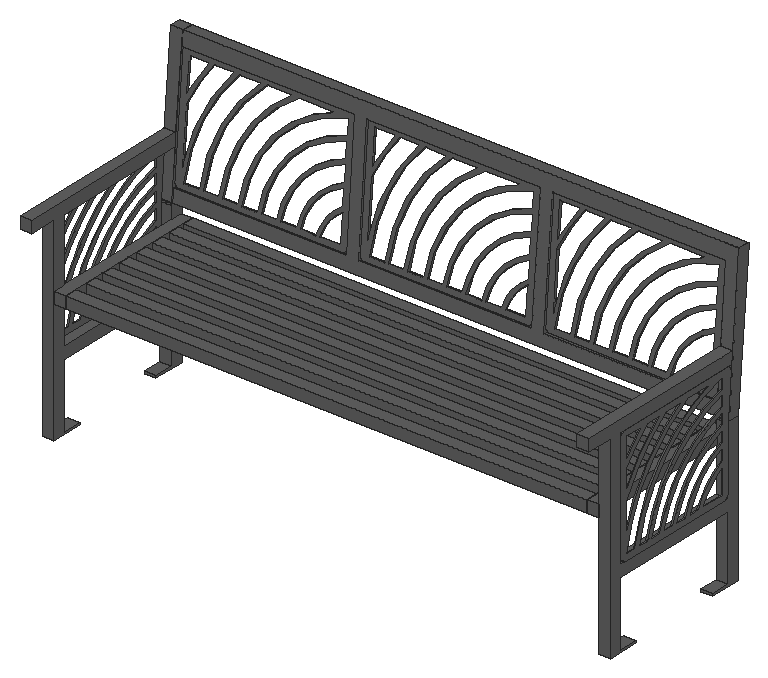
Revit family (continued)
Definition of nested family "Frame-Type-SiteScapes-Square_Steel_Tube-6ft"
  Dimensions and locks (in)
    "Depth": plane 16 "Front" to plane 1 "Center (Front/Back)"
    "Height": plane 6 "Top" to plane 2 "Original Bottom"
    locked: plane 6 "Top" to plane 17 at 1.82399
    locked: plane 18 to plane 2 "Original Bottom" at 1.70806
    locked: plane 9 "Bar 3 Left" to plane 19 at 1.49976
    plane 11 "Bar 2 Left" to plane 13 "Bar 1 Left" = 1' - 10"
    plane 9 "Bar 3 Left" to plane 10 "Bar 2 Right" = 1' - 10.00024"
    plane 7 "Bar 4 Right" to plane 19 = 1' - 10"
    aligned and locked: plane 2 "Original Bottom" to level
    aligned: Extrusion 1 to plane 16 "Front"
    aligned: Extrusion 1 to plane 1 "Center (Front/Back)"
    aligned and locked: plane 16 "Front" to Extrusion 1
    aligned and locked: plane 1 "Center (Front/Back)" to Extrusion 1
    aligned and locked: plane 2 "Original Bottom" to Extrusion 1
    aligned and locked: plane 6 "Top" to Extrusion 1
    aligned and locked: Extrusion 1 to Masking region 1 sketch curve
    aligned and locked: Masking region 2 sketch curve to Extrusion 1  (x4)
    aligned: plane 12 "Bar 1 Right" to Extrusion 1
    aligned: Extrusion 1 to plane 13 "Bar 1 Left"
    aligned: Extrusion 1 to plane 8 "Bar 4 Left"
    aligned: plane 7 "Bar 4 Right" to Extrusion 1
    aligned and locked: plane 5 "Right" to Extrusion 1
    aligned and locked: Extrusion 1 to plane 7 "Bar 4 Right"
    aligned: plane 15 "Left Inset" to Extrusion 1
    aligned and locked: plane 13 "Bar 1 Left" to Extrusion 1
    aligned and locked: plane 19 to Extrusion 1
    aligned and locked: Extrusion 1 to plane 9 "Bar 3 Left"
    aligned and locked: plane 4 "Left" to Extrusion 1 sketch curve
    aligned and locked: Masking region 3 sketch curve to Extrusion 1  (x13)
    aligned and locked: Extrusion 1 to Masking region 3 sketch curve  (x3)
  Automatic sketch dimensions
    Masking region 1 sketch curve to Masking region 1 sketch curve = 0' - 1.49429"
    Masking region 1 sketch curve to plane 5 "Right" = 0' - 0"
    curve 6 to plane 14 "Right Inset" = 0' - 0 3/4"
    curve 2 to curve 2 = 1' - 5.30191"
    plane 9 "Bar 3 Left" to curve 3 = 0' - 0.74988"
    plane 11 "Bar 2 Left" to curve 4 = 0' - 0.58333"
    curve 1 to plane 13 "Bar 1 Left" = 0' - 0 3/4"
    Masking region 1 sketch curve to plane 15 "Left Inset" = 0' - 0"
    Extrusion 1 sketch curve to plane 5 "Right" = 0' - 0"
    Extrusion 1 sketch curve to plane 7 "Bar 4 Right" = 0' - 0"
    Extrusion 1 sketch curve to plane 19 = 0' - 0"
    Extrusion 1 sketch curve to plane 9 "Bar 3 Left" = 0' - 0"
    Extrusion 1 sketch curve to plane 11 "Bar 2 Left" = 0' - 0"
    Extrusion 1 sketch curve to plane 13 "Bar 1 Left" = 0' - 0"
    plane 10 "Bar 2 Right" to Extrusion 1 sketch curve = 0' - 0"
    Extrusion 1 sketch curve to Extrusion 1 sketch curve = 0' - 1.58335"
    Extrusion 1 sketch curve to Extrusion 1 sketch curve = 0' - 0"  (x3)
    Extrusion 1 sketch curve to Extrusion 1 sketch curve = 1' - 3.58638"  (x2)
    Extrusion 1 sketch curve to Extrusion 1 sketch curve = 0' - 1.83095"
Definition of nested family "Panel-Back-SiteScapes-Steel_Sheet_Metal_6ft_JC"
  Parameters (values of type "5 5/8"x1' 3 5/8"")
    URL = "http://www.sitescapesonline.com/index.asp"
    Panel Width = 6' - 0"
    Product Page URL = ""
    Product Documentation Link = ""
    Material = Steel - SiteScapes - Powder Coat - Onyx
    Manufacturer = "SiteScapes Inc."  # constant formula
    Height = 1' - 3.56474"
    Depth = 0' - 0 37/256"
    Copyright © = "2010 SiteScapes Inc."  # constant formula
    Bench Material = Steel - SiteScapes - Powder Coat - Onyx
    Assembly Code = ""
  Reference planes (in)
    plane 1 "Center (Front/Back)": y = 0
    plane 2 "Original Bottom": z = 0
    plane 3 "Center (Left/Right)": x = -11.32196
    plane 4 "Front": y = -0.07227
    plane 5 "Back": y = 0.07227
    plane 6 "Top": z = 15.56474
    plane 7 "ANGLE": through (0, -0.67528, 0.05033) normal (0, -0.9958, 0.0913)
    plane 8: x = 23.17804
    plane 9 "Right": x = 24.67804
    plane 10 "Left": x = -47.32196
    plane 11: x = -45.82196
    plane 12: through (0, -0.58465, 0.24722) normal (0, -0.9958, 0.0913)
    plane 13: through (0, -0.74114, 0.1234) normal (0, -0.9958, 0.0913)
    plane 14: x = 1.24054
    plane 15: x = -22.25946
    plane 16: x = -45.75946
    plane 17: x = 23.11554
    plane 18: x = -0.38446
    plane 19: x = -23.88446
  Lines and regions (in)
    Masking region 1, detail levels medium+fine
      outline origin (-11.32196, 0, 0) x (0, 1, 0) y (0, 0, 1)
        loop
          line (-0.60733, 0) -> (0.14393, 8.18988) -> (0, 8.20309) -> (-0.75125, 0.0132) -> (-0.60733, 0)
  Dimensions and locks (in)
    "Depth": plane 5 "Back" to plane 4 "Front"
    equal spacing: plane 5 "Back", plane 1 "Center (Front/Back)", plane 4 "Front"
    "Height": plane 6 "Top" to plane 2 "Original Bottom"
    plane 8 to plane 9 "Right" = 0' - 1 1/2"
    plane 10 "Left" to plane 11 = 0' - 1 1/2"
    "Depth": plane 13 to plane 12
    equal spacing: plane 13, plane 7 "ANGLE", plane 12
    plane 10 "Left" to plane 9 "Right" = 6' - 0"
    equal spacing: plane 10 "Left", plane 3 "Center (Left/Right)", plane 9 "Right"
    plane 10 "Left" to plane 3 "Center (Left/Right)" to plane 9 "Right" = 3' - 0", 3' - 0"
    plane 9 "Right" to plane 10 "Left" = 6' - 0"
    equal spacing: group 1, group 3, group 2  (x3)
    plane 11 to plane 10 "Left" = 0' - 1 1/2"
    locked: plane 16 to plane 11 at 0.0625
    locked: plane 8 to plane 17 at 0.0625
    aligned and locked: plane 2 "Original Bottom" to level
    aligned and locked: plane 2 "Original Bottom" to Masking region 1
    aligned and locked: nested 1 to plane 1 "Center (Front/Back)"
    aligned and locked: nested 1 to plane 16
    aligned and locked: plane 17 to nested 2
    aligned and locked: plane 19 to nested 1
    aligned and locked: plane 15 to nested 3
    aligned and locked: plane 18 to nested 3
    aligned and locked: plane 14 to nested 2
  Automatic sketch dimensions
    Masking region 1 sketch curve to plane 1 "Center (Front/Back)" = 0' - 0"
    Masking region 1 sketch curve to plane 2 "Original Bottom" = 0' - 0"
    Masking region 1 sketch curve to plane 13 = 0' - 0"
    Masking region 1 sketch curve to plane 12 = 0' - 0"  (x2)
  Nested families (in)
    nested 1: "Panel-Back-SiteScapes-Steel_Sheet_Metal_6ft_Single_JC" at (-34.82196, 0.09375, 0), type "Panel-Back-SiteScapes-Steel_Sheet_Metal_6ft_Single_JC"
    nested 2: "Panel-Back-SiteScapes-Steel_Sheet_Metal_6ft_Single_JC" at (12.17804, 0.09375, 0), type "Panel-Back-SiteScapes-Steel_Sheet_Metal_6ft_Single_JC"
    nested 3: "Panel-Back-SiteScapes-Steel_Sheet_Metal_6ft_Single_JC" at (-11.32196, 0.09375, 0), type "Panel-Back-SiteScapes-Steel_Sheet_Metal_6ft_Single_JC"
  Definition of nested family "Panel-Back-SiteScapes-Steel_Sheet_Metal_6ft_Single_JC"
    Parameters (values of type "Panel-Back-SiteScapes-Steel_Sheet_Metal_6ft_Single_JC")
      Bench Material = none
    Reference planes (in)
      plane 1 "Center (Front/Back)": y = 0
      plane 2 "Bottom": z = 0
      plane 3 "Center (Left/Right)": x = 0
      plane 4: y = 0.09375
      plane 5: y = -0.09375
      plane 6 "Left": x = -10.9375
      plane 7 "Right": x = 10.9375
      plane 8 "Back": y = 0.77624
      plane 9 "Front": y = -0.7632
      plane 10 "Top": z = 15.56474
      plane 11 "Center (Elevation)": z = 7.78237
    Forms (in)
      Sweep 1, solid, material <- "Bench Material", detail levels medium+fine
        path origin (0, -0.6756, 0.0295) x (1, 0, 0) y (0, 0.996195, -0.087156)
          loop
            line (0, -0.09375) -> (0, 0.09375)
        profile "Panel-Back-SiteScapes-Steel_Sheet_Metal_6ft_Single_JC-Profile : Panel-Back-SiteScapes-Steel_Sheet_Metal_6ft_Single_JC-Profile" origin (0, -0.6756, 0.0295) x (-1, 0, 0) y (0, 0.087156, 0.996195)
          loop
            line (10.9375, 15.21281) -> (10.5625, 15.58638) -> (-10.5625, 15.58638) -> (-10.9375, 15.21281) -> (-10.9375, 0.45667) -> (-10.5625, 0.0831) -> (10.5625, 0.0831) -> (10.9375, 0.45667) -> (10.9375, 15.21281)
          loop
            arc (7.46907, 14.8725) -> (8.87854, 12.81055) -> (10.08548, 10.62388) r 26.226
            line (10.08548, 10.62388) -> (10.08548, 14.8725) -> (7.46907, 14.8725)
          loop
            arc (4.32404, 14.8725) -> (8.11366, 9.10153) -> (10.08548, 2.4851) r 23.77567
            line (10.08548, 2.4851) -> (10.08548, 9.44095)
            arc (10.08548, 9.44095) -> (8.63023, 12.2569) -> (6.83971, 14.8725) r 25.72496
            line (6.83971, 14.8725) -> (4.32404, 14.8725)
          loop
            line (3.63608, 14.8725) -> (0.90885, 14.8725)
            arc (0.90885, 14.8725) -> (5.70507, 8.49242) -> (7.82387, 0.79698) r 21.35675
            line (7.82387, 0.79698) -> (9.76591, 0.79698)
            arc (9.76591, 0.79698) -> (7.89492, 8.35469) -> (3.63608, 14.8725) r 23.2753
          loop
            line (0.13868, 14.8725) -> (-3.03593, 14.8725)
            arc (-3.03593, 14.8725) -> (2.77243, 8.79209) -> (5.37753, 0.79698) r 18.94713
            line (5.37753, 0.79698) -> (7.32092, 0.79698)
            arc (7.32092, 0.79698) -> (5.11402, 8.54106) -> (0.13868, 14.8725) r 20.8625
          loop
            arc (-8.65067, 14.8725) -> (-0.74826, 9.57283) -> (2.92858, 0.79698) r 16.54603
            line (2.92858, 0.79698) -> (4.87543, 0.79698)
            arc (4.87543, 0.79698) -> (2.12831, 8.8869) -> (-3.96808, 14.8725) r 18.45377
            line (-3.96808, 14.8725) -> (-8.65067, 14.8725)
          loop
            arc (-10.08548, 12.75384) -> (-2.95458, 8.40976) -> (0.47564, 0.79698) r 14.12051
            line (0.47564, 0.79698) -> (2.42579, 0.79698)
            arc (2.42579, 0.79698) -> (-1.58595, 9.78117) -> (-10.08548, 14.73776) r 16.05447
            line (-10.08548, 14.73776) -> (-10.08548, 12.75384)
          loop
            arc (-10.08548, 10.23113) -> (-4.67577, 6.68101) -> (-1.9838, 0.79698) r 11.68739
            line (-1.9838, 0.79698) -> (-0.02821, 0.79698)
            arc (-0.02821, 0.79698) -> (-3.30769, 8.05556) -> (-10.08548, 12.23926) r 13.62119
            line (-10.08548, 12.23926) -> (-10.08548, 10.23113)
          loop
            arc (-10.08548, 7.654) -> (-6.39489, 4.94427) -> (-4.45502, 0.79698) r 9.25395
            line (-4.45502, 0.79698) -> (-2.4895, 0.79698)
            arc (-2.4895, 0.79698) -> (-5.02858, 6.3257) -> (-10.08548, 9.70821) r 11.18767
            line (-10.08548, 9.70821) -> (-10.08548, 7.654)
          loop
            arc (-10.08548, 4.95112) -> (-8.10656, 3.18473) -> (-6.95118, 0.79698) r 6.82039
            line (-6.95118, 0.79698) -> (-4.96432, 0.79698)
            arc (-4.96432, 0.79698) -> (-6.74698, 4.5861) -> (-10.08548, 7.11389) r 8.75498
            line (-10.08548, 7.11389) -> (-10.08548, 4.95112)
          loop
            line (-10.08548, 4.36377) -> (-10.08548, 0.79698) -> (-7.46907, 0.79698)
            arc (-7.46907, 0.79698) -> (-8.45507, 2.81673) -> (-10.08548, 4.36377) r 6.32078
    Lines and regions (in)
      Masking region 1, detail levels medium+fine
        outline origin (0, 0, 0) x (0, 1, 0) y (0, 0, 1)
          loop
            line (-0.57496, 0.10411) -> (0.77624, 15.5484) -> (0.58945, 15.56474) -> (-0.76175, 0.12045) -> (-0.57496, 0.10411)
      Masking region 2, detail levels medium+fine
        outline origin (0, 0, 0) x (1, 0, 0) y (0, 0, 1)
          loop
            line (-10.5625, 15.56474) -> (-10.9375, 15.19259) -> (-10.9375, 0.4926) -> (-10.5625, 0.12045) -> (10.5625, 0.12045) -> (10.9375, 0.4926) -> (10.9375, 15.19259) -> (10.5625, 15.56474) -> (-10.5625, 15.56474)
      Masking region 3, detail levels medium+fine
        outline origin (0, 0, 15.56474) x (-1, 0, 0) y (0, -1, 0)
          loop
            line (10.9375, -0.77624) -> (10.9375, 0.7632) -> (-10.9375, 0.7632) -> (-10.9375, -0.77624) -> (10.9375, -0.77624)
      symbolic lines, style "Panel", detail levels fine
        curve 1: line (8.06839, -0.71342, 0) -> (5.97525, -0.71342, 0)
        curve 2: line (8.06839, -0.27794, 0) -> (8.06839, -0.71342, 0)
      symbolic lines, style "Panel", detail levels medium+fine
        curve 3: spline (-7.46907, 0, 14.85357) -> (-7.71752, 0, 14.52066) -> (-7.96064, 0, 14.18385) -> (-8.19837, 0, 13.84325) -> (-8.43063, 0, 13.49892) -> (-8.65737, 0, 13.15097) -> (-8.87854, 0, 12.79947) -> (-9.09409, 0, 12.44452) -> (-9.30394, 0, 12.08621) -> (-9.50806, 0, 11.72462) -> (-9.70639, 0, 11.35984) -> (-9.89888, 0, 10.99198) -> (-10.08548, 0, 10.62112)
        curve 4: spline (-4.32404, 0, 14.85357) -> (-5.07005, 0, 13.97565) -> (-5.77241, 0, 13.06269) -> (-6.42944, 0, 12.11683) -> (-7.03959, 0, 11.14031) -> (-7.60144, 0, 10.13543) -> (-8.11366, 0, 9.10457) -> (-8.57503, 0, 8.05014) -> (-8.98447, 0, 6.97465) -> (-9.34101, 0, 5.88062) -> (-9.64382, 0, 4.77064) -> (-9.89217, 0, 3.64732) -> (-10.08548, 0, 2.51331)
        curve 5: spline (-0.90885, 0, 14.85357) -> (-1.86981, 0, 13.92617) -> (-2.77059, 0, 12.94065) -> (-3.60767, 0, 11.90087) -> (-4.37774, 0, 10.81092) -> (-5.07779, 0, 9.67507) -> (-5.70507, 0, 8.49778) -> (-6.25712, 0, 7.28367) -> (-6.73178, 0, 6.03751) -> (-7.12717, 0, 4.76418) -> (-7.44175, 0, 3.46869) -> (-7.67429, 0, 2.15612) -> (-7.82387, 0, 0.83162)
        curve 6: spline (3.03593, 0, 14.85357) -> (1.88748, 0, 14.03368) -> (0.80355, 0, 13.13081) -> (-0.20982, 0, 12.14998) -> (-1.14701, 0, 11.09666) -> (-2.0028, 0, 9.97669) -> (-2.77243, 0, 8.7963) -> (-3.45162, 0, 7.56206) -> (-4.0366, 0, 6.28084) -> (-4.52411, 0, 4.95975) -> (-4.91144, 0, 3.60614) -> (-5.19644, 0, 2.22754) -> (-5.37753, 0, 0.83162)
        curve 7: spline (8.65067, 0, 14.85357) -> (7.139, 0, 14.30777) -> (5.68763, 0, 13.61838) -> (4.3103, 0, 12.79191) -> (3.01999, 0, 11.83616) -> (1.82889, 0, 10.76016) -> (0.74826, 0, 9.57407) -> (-0.2117, 0, 8.28909) -> (-1.04194, 0, 6.91735) -> (-1.73459, 0, 5.47182) -> (-2.28314, 0, 3.96613) -> (-2.68239, 0, 2.41451) -> (-2.92858, 0, 0.83162)
        curve 8: spline (10.08548, 0, 12.74297) -> (8.73514, 0, 12.33124) -> (7.43284, 0, 11.78719) -> (6.19159, 0, 11.11629) -> (5.02382, 0, 10.32523) -> (3.94121, 0, 9.42193) -> (2.95458, 0, 8.41542) -> (2.0738, 0, 7.31578) -> (1.30769, 0, 6.13399) -> (0.6639, 0, 4.88188) -> (0.14887, 0, 3.57197) -> (-0.23225, 0, 2.21737) -> (-0.47564, 0, 0.83162)
        curve 9: spline (10.08548, 0, 10.22987) -> (9.05829, 0, 9.85979) -> (8.07027, 0, 9.3958) -> (7.13004, 0, 8.84195) -> (6.24583, 0, 8.20307) -> (5.42535, 0, 7.48474) -> (4.67577, 0, 6.69325) -> (4.00363, 0, 5.8355) -> (3.41482, 0, 4.91899) -> (2.91447, 0, 3.95172) -> (2.50695, 0, 2.94214) -> (2.19582, 0, 1.89907) -> (1.9838, 0, 0.83162)
        curve 10: spline (10.08548, 0, 7.66254) -> (9.38319, 0, 7.34589) -> (8.70979, 0, 6.97212) -> (8.06996, 0, 6.5438) -> (7.46812, 0, 6.06392) -> (6.90847, 0, 5.53581) -> (6.39489, 0, 4.96313) -> (5.93093, 0, 4.34985) -> (5.51982, 0, 3.70023) -> (5.16441, 0, 3.01877) -> (4.86717, 0, 2.31022) -> (4.63016, 0, 1.57948) -> (4.45502, 0, 0.83162)
        curve 11: spline (10.08548, 0, 4.96994) -> (9.70991, 0, 4.73243) -> (9.35068, 0, 4.47104) -> (9.00932, 0, 4.18687) -> (8.68728, 0, 3.88114) -> (8.38594, 0, 3.55515) -> (8.10656, 0, 3.21028) -> (7.85035, 0, 2.848) -> (7.61839, 0, 2.46985) -> (7.41167, 0, 2.07744) -> (7.23107, 0, 1.67244) -> (7.07735, 0, 1.25658) -> (6.95118, 0, 0.83162)
        curve 12: line (10.08548, 0, 0.83162) -> (7.46907, 0, 0.83162)
        curve 13: line (10.08548, 0, 4.38483) -> (10.08548, 0, 0.83162)
        curve 14: line (-10.08548, 0, 10.62112) -> (-10.08548, 0, 14.85357)
        curve 15: line (-10.08548, 0, 14.85357) -> (-7.46907, 0, 14.85357)
        curve 16: line (-6.83971, 0, 14.85357) -> (-4.32404, 0, 14.85357)
        curve 17: spline (-10.08548, 0, 9.44269) -> (-9.86723, 0, 9.92231) -> (-9.63912, 0, 10.39737) -> (-9.40127, 0, 10.86766) -> (-9.15377, 0, 11.33297) -> (-8.89672, 0, 11.79313) -> (-8.63023, 0, 12.24792) -> (-8.35442, 0, 12.69717) -> (-8.0694, 0, 13.14067) -> (-7.77529, 0, 13.57825) -> (-7.47222, 0, 14.00971) -> (-7.16032, 0, 14.43488) -> (-6.83971, 0, 14.85357)
        curve 18: line (-10.08548, 0, 2.51331) -> (-10.08548, 0, 9.44269)
        curve 19: line (-7.82387, 0, 0.83162) -> (-9.76591, 0, 0.83162)
        curve 20: spline (-9.76591, 0, 0.83162) -> (-9.63234, 0, 2.12342) -> (-9.42638, 0, 3.40575) -> (-9.14867, 0, 4.67458) -> (-8.80009, 0, 5.92593) -> (-8.38174, 0, 7.15588) -> (-7.89492, 0, 8.36056) -> (-7.34115, 0, 9.53621) -> (-6.72219, 0, 10.67913) -> (-6.03997, 0, 11.78573) -> (-5.29662, 0, 12.85254) -> (-4.49449, 0, 13.87623) -> (-3.63608, 0, 14.85357)
        curve 21: line (-3.63608, 0, 14.85357) -> (-0.90885, 0, 14.85357)
        curve 22: line (-0.13868, 0, 14.85357) -> (3.03593, 0, 14.85357)
        curve 23: spline (-7.32092, 0, 0.83162) -> (-7.16493, 0, 2.16778) -> (-6.9225, 0, 3.49109) -> (-6.59464, 0, 4.796) -> (-6.18274, 0, 6.07705) -> (-5.68851, 0, 7.32887) -> (-5.11402, 0, 8.54623) -> (-4.46169, 0, 9.72401) -> (-3.73424, 0, 10.85728) -> (-2.93472, 0, 11.9413) -> (-2.06648, 0, 12.97152) -> (-1.13317, 0, 13.94364) -> (-0.13868, 0, 14.85357)
        curve 24: line (-5.37753, 0, 0.83162) -> (-7.32092, 0, 0.83162)
        curve 25: line (-2.92858, 0, 0.83162) -> (-4.87543, 0, 0.83162)
        curve 26: spline (-4.87543, 0, 0.83162) -> (-4.68537, 0, 2.25018) -> (-4.38512, 0, 3.64971) -> (-3.97649, 0, 5.02174) -> (-3.46196, 0, 6.35794) -> (-2.84466, 0, 7.65022) -> (-2.12831, 0, 8.89075) -> (-1.31726, 0, 10.072) -> (-0.41644, 0, 11.18683) -> (0.56872, 0, 12.22846) -> (1.63222, 0, 13.1906) -> (2.76764, 0, 14.06741) -> (3.96808, 0, 14.85357)
        curve 27: line (3.96808, 0, 14.85357) -> (8.65067, 0, 14.85357)
        curve 28: line (10.08548, 0, 14.71934) -> (10.08548, 0, 12.74297)
        curve 29: spline (-2.42579, 0, 0.83162) -> (-2.15967, 0, 2.4699) -> (-1.72456, 0, 4.07188) -> (-1.12515, 0, 5.62033) -> (-0.36789, 0, 7.09856) -> (0.53907, 0, 8.49065) -> (1.58595, 0, 9.78162) -> (2.76149, 0, 10.95757) -> (4.05302, 0, 12.00583) -> (5.44664, 0, 12.91512) -> (6.92735, 0, 13.67565) -> (8.4792, 0, 14.27922) -> (10.08548, 0, 14.71934)
        curve 30: line (-0.47564, 0, 0.83162) -> (-2.42579, 0, 0.83162)
        curve 31: line (1.9838, 0, 0.83162) -> (0.02821, 0, 0.83162)
        curve 32: spline (0.02821, 0, 0.83162) -> (0.26545, 0, 2.15215) -> (0.63242, 0, 3.44289) -> (1.12554, 0, 4.69123) -> (1.73998, 0, 5.88496) -> (2.46974, 0, 7.01241) -> (3.30769, 0, 8.06257) -> (4.24563, 0, 9.02517) -> (5.2744, 0, 9.89081) -> (6.38395, 0, 10.65102) -> (7.56343, 0, 11.29837) -> (8.8013, 0, 11.82653) -> (10.08548, 0, 12.23035)
        curve 33: line (10.08548, 0, 12.23035) -> (10.08548, 0, 10.22987)
        curve 34: line (10.08548, 0, 9.70894) -> (10.08548, 0, 7.66254)
        curve 35: spline (2.4895, 0, 0.83162) -> (2.6945, 0, 1.83366) -> (2.99083, 0, 2.81277) -> (3.37601, 0, 3.7607) -> (3.84678, 0, 4.66946) -> (4.39919, 0, 5.53142) -> (5.02858, 0, 6.3393) -> (5.72965, 0, 7.08631) -> (6.49651, 0, 7.76616) -> (7.32269, 0, 8.37313) -> (8.20124, 0, 8.9021) -> (9.12476, 0, 9.34862) -> (10.08548, 0, 9.70894)
        curve 36: line (4.45502, 0, 0.83162) -> (2.4895, 0, 0.83162)
        curve 37: line (6.95118, 0, 0.83162) -> (4.96432, 0, 0.83162)
        curve 38: spline (4.96432, 0, 0.83162) -> (5.13077, 0, 1.51363) -> (5.35173, 0, 2.1801) -> (5.62577, 0, 2.82671) -> (5.95112, 0, 3.44927) -> (6.32566, 0, 4.04376) -> (6.74698, 0, 4.60632) -> (7.21234, 0, 5.13331) -> (7.71873, 0, 5.62131) -> (8.26288, 0, 6.06717) -> (8.84125, 0, 6.468) -> (9.4501, 0, 6.8212) -> (10.08548, 0, 7.12449)
        curve 39: line (10.08548, 0, 7.12449) -> (10.08548, 0, 4.96994)
        curve 40: spline (7.46907, 0, 0.83162) -> (7.58221, 0, 1.18939) -> (7.71654, 0, 1.53982) -> (7.87157, 0, 1.88166) -> (8.04676, 0, 2.21369) -> (8.24149, 0, 2.53475) -> (8.45507, 0, 2.84368) -> (8.68673, 0, 3.1394) -> (8.93565, 0, 3.42085) -> (9.20096, 0, 3.68703) -> (9.48171, 0, 3.937) -> (9.7769, 0, 4.16988) -> (10.08548, 0, 4.38483)
      model lines, style "Panel", detail levels coarse
        curve 41: line (-10.33548, 0, 15.10357) -> (10.33548, 0, 15.10357)
        curve 42: line (-10.33548, 0, 0.58162) -> (-10.33548, 0, 15.10357)
        curve 43: line (10.33548, 0, 0.58162) -> (-10.33548, 0, 0.58162)
        curve 44: line (10.33548, 0, 15.10357) -> (10.33548, 0, 0.58162)
        curve 45: line (-6.99122, 0, 15.10357) -> (-10.33548, 0, 9.75163)
        curve 46: line (-3.67985, 0, 15.10357) -> (-10.33548, 0, 0.58162)
        curve 47: line (-0.2122, 0, 15.10357) -> (-7.61151, 0, 0.58162)
        curve 48: line (3.80382, 0, 15.10357) -> (-5.14536, 0, 0.58162)
        curve 49: line (9.67464, 0, 15.10357) -> (-2.6396, 0, 0.58162)
        curve 50: line (10.33548, 0, 12.53222) -> (-0.42489, 0, 0.58162)
        curve 51: line (2.15018, 0, 0.58162) -> (10.33548, 0, 9.99773)
        curve 52: line (4.69558, 0, 0.58162) -> (10.33548, 0, 7.54632)
        curve 53: line (7.13916, 0, 0.58162) -> (10.33548, 0, 4.82328)
    Dimensions and locks (in)
      equal spacing: plane 4, plane 1 "Center (Front/Back)", plane 5
      plane 4 to plane 5 = 0' - 0 3/16"
      equal spacing: plane 10 "Top", plane 11 "Center (Elevation)", plane 2 "Bottom"
      aligned and locked: plane 2 "Bottom" to level
      aligned and locked: plane 3 "Center (Left/Right)" to Sweep 1 sketch curve
      aligned: plane 6 "Left" to Sweep 1
      aligned: plane 7 "Right" to Sweep 1
      aligned and locked: plane 6 "Left" to Sweep 1
      aligned and locked: plane 7 "Right" to Sweep 1
      aligned and locked: Masking region 1 sketch curve to Sweep 1  (x4)
      aligned and locked: plane 8 "Back" to Sweep 1
      aligned and locked: Masking region 2 sketch curve to Sweep 1  (x7)
      aligned and locked: Sweep 1 to Masking region 2 sketch curve
      aligned and locked: Masking region 3 sketch curve to plane 8 "Back"
      aligned and locked: plane 9 "Front" to Masking region 3 sketch curve
      aligned and locked: Masking region 3 sketch curve to plane 6 "Left"
      aligned and locked: Masking region 3 sketch curve to plane 7 "Right"
    Automatic sketch dimensions
      Sweep 1 sketch curve to Sweep 1 sketch curve = 0' - 0 3/16"
      curve 1 to plane 5 = 0' - 0.61967"
      plane 3 "Center (Left/Right)" to curve 1 = 0' - 5.97525"
      curve 2 to plane 5 = 0' - 0.18419"
      curve 1 to curve 2 = 0' - 2.09313"
      curve 45 to plane 6 "Left" = 0' - 0.60202"
      curve 41 to curve 14 = 0' - 0 1/4"
      curve 45 to curve 17 = 0' - 0 1/4"
      curve 42 to curve 20 = 0' - 0.56957"
      level to curve 5 = 0' - 0.83162"
      curve 19 to curve 5 = 0' - 1.94204"
      level to curve 47 = 0' - 0.58162"
      curve 19 to curve 47 = 0' - 0.21236"
      curve 15 to plane 10 "Top" = 0' - 0.71117"
      curve 14 to curve 15 = 0' - 2.61642"
      curve 47 to curve 24 = 0' - 0.29059"
      curve 45 to plane 10 "Top" = 0' - 0.46117"
      curve 15 to curve 45 = 0' - 0.47784"
      curve 45 to curve 17 = 0' - 0.15151"
      level to curve 6 = 0' - 0.83162"
      curve 24 to curve 6 = 0' - 1.94339"
      curve 6 to curve 48 = 0' - 0.23217"
      curve 48 to curve 25 = 0' - 0.26993"
      curve 16 to plane 10 "Top" = 0' - 0.71117"
      curve 16 to curve 16 = 0' - 2.51567"
      curve 16 to curve 46 = 0' - 0.64418"
      curve 46 to curve 20 = 0' - 0.04378"
      level to curve 7 = 0' - 0.83162"
      curve 25 to curve 7 = 0' - 1.94685"
      curve 7 to curve 49 = 0' - 0.28898"
      curve 49 to curve 29 = 0' - 0.2138"
      curve 21 to plane 10 "Top" = 0' - 0.71117"
      curve 21 to plane 3 "Center (Left/Right)" = 0' - 0.90885"
      curve 30 to plane 3 "Center (Left/Right)" = 0' - 0.47564"
      curve 8 to curve 50 = 0' - 0.05075"
      curve 47 to plane 3 "Center (Left/Right)" = 0' - 0.2122"
      curve 22 to plane 3 "Center (Left/Right)" = 0' - 0.13868"
      plane 3 "Center (Left/Right)" to curve 32 = 0' - 0.02821"
      level to curve 31 = 0' - 0.83162"
      curve 31 to curve 31 = 0' - 1.95559"
      curve 9 to curve 51 = 0' - 0.16638"
      curve 51 to curve 35 = 0' - 0.33932"
      curve 22 to plane 10 "Top" = 0' - 0.71117"
      plane 3 "Center (Left/Right)" to curve 22 = 0' - 3.03593"
      curve 22 to curve 48 = 0' - 0.76789"
      curve 48 to curve 27 = 0' - 0.16426"
      curve 36 to curve 10 = 0' - 1.96552"
      curve 10 to curve 52 = 0' - 0.24056"
      curve 52 to curve 38 = 0' - 0.26874"
      level to curve 11 = 0' - 0.83162"
      curve 37 to curve 11 = 0' - 1.98686"
      curve 11 to curve 53 = 0' - 0.18798"
      curve 53 to curve 12 = 0' - 0.3299"
      curve 7 to plane 10 "Top" = 0' - 0.71117"
      curve 27 to curve 49 = 0' - 1.02396"
      curve 11 to plane 7 "Right" = 0' - 0.85202"
      curve 35 to plane 7 "Right" = 0' - 0.85202"
      curve 49 to curve 28 = 0' - 0.41085"
      curve 11 to curve 40 = 0' - 0"
      curve 9 to curve 34 = 0' - 0"
      curve 28 to curve 44 = 0' - 0 1/4"
      curve 9 to curve 51 = 0' - 0 1/4"
      curve 4 to level = 0' - 0.88402"
      plane 7 "Right" to curve 4 = 0' - 2.50683"
      curve 4 to curve 20 = 0' - 0.00027"
      curve 20 to curve 17 = 0' - 0.00771"
      curve 17 to curve 3 = 0' - 0.00032"
      curve 17 to curve 5 = 0' - 0.01107"
      curve 3 to curve 23 = 0' - 0.01641"
      curve 23 to curve 6 = 0' - 0.02178"
      curve 6 to curve 26 = 0' - 0.00649"
      curve 26 to curve 7 = 0' - 0.02883"
      curve 7 to curve 29 = 0' - 0.00808"
      curve 29 to curve 8 = 0' - 0.00364"
      curve 8 to curve 32 = 0' - 0.00072"
      curve 32 to curve 9 = 0' - 0.00382"
      curve 9 to curve 35 = 0' - 0.00038"
      curve 35 to curve 10 = 0' - 0.00394"
      curve 10 to curve 38 = 0' - 0.00108"
      curve 38 to curve 11 = 0' - 0.00328"
      curve 11 to curve 40 = 0' - 0.00056"
      curve 40 to level = 0' - 0.88069"
      curve 40 to curve 40 = 0' - 6.32078"
      curve 40 to curve 11 = 0' - 0.49906"
      curve 38 to level = 0' - 0.88619"
      curve 11 to curve 38 = 0' - 1.93131"
      curve 38 to curve 10 = 0' - 0.49789"
      curve 35 to level = 0' - 0 57/64"
      curve 10 to curve 35 = 0' - 1.92977"
      curve 35 to curve 9 = 0' - 0.49934"
      curve 32 to level = 0' - 0.89573"
      curve 9 to curve 32 = 0' - 1.92998"
      curve 32 to curve 8 = 0' - 0.49861"
      curve 29 to level = 0' - 0.90066"
      curve 8 to curve 29 = 0' - 1.93031"
      curve 29 to curve 7 = 0' - 0.48348"
      curve 26 to level = 0' - 0.88931"
      curve 26 to curve 6 = 0' - 0.48686"
      curve 23 to level = 0' - 0.89998"
      curve 23 to curve 5 = 0' - 0.4886"
      curve 20 to level = 0' - 0.89734"
      curve 20 to curve 4 = 0' - 0.5001"
      curve 17 to level = 0' - 0.89789"
      curve 4 to curve 17 = 0' - 1.95728"
      curve 17 to curve 3 = 0' - 0.50136"
      curve 3 to curve 17 = 0' - 0.00246"
      curve 8 to curve 32 = 0' - 0.00117"
      curve 9 to curve 35 = 0' - 0.00145"
      curve 10 to curve 38 = 0' - 0.00088"
      curve 11 to curve 40 = 0' - 0.00131"
      curve 51 to curve 36 = 0' - 0 1/4"
      curve 43 to curve 13 = 0' - 0 1/4"
      curve 50 to curve 8 = 0' - 0 1/4"
      curve 53 to curve 11 = 0' - 0.14667"
      curve 52 to plane 11 "Center (Elevation)" = 0' - 0.23605"
      curve 17 to curve 45 = 0' - 0.30895"
      curve 51 to curve 9 = 0' - 0.23214"
      curve 50 to curve 8 = 0' - 0.21075"
Types (2): name | Side Panel Width | Seat Panel Width | Product Documentation Link | Panel Seat Width | Panel Back Width | Model | Length | Description | Back Type | Back Frame Type | Seat Panel
  JC1-1000 | 6' - 0" | 5' - 6" | "http://www.sitescapesonline.com/PDF/JC1-1000%20-%20Customer%20Print.pdf" | 5' - 6" | 5' - 10" | "JC1-1000" | 6' - 0" | "Jordan Creek Laser Pattern, Backed Bench, Six foot length, Steel Bar Ends" | Panel-Back-SiteScapes-Steel_Sheet_Metal_6ft_JC : 5 5/8"x1' 3 5/8" | Frame-Type-SiteScapes-Square_Steel_Tube-6ft : 5 5/8"x1' 3 13/32" | Panel-Seat-SiteScapes-Square Tube : Square_Tube_Seat-6ft
  JC1-2000 | 8' - 0" | 7' - 6" | "http://www.sitescapesonline.com/PDF/JC1-2000%20-%20Customer%20Print.pdf" | 7' - 6" | 7' - 10" | "JC1-2000" | 8' - 0" | "Jordan Creek Laser Pattern, Backed Bench, Eight foot length, Steel Bar Ends" | Panel-Back-SiteScapes-Steel_Sheet_Metal_8ft_JC : 5 5/8"x1' 3 5/8" | Frame-Type-SiteScapes-Square_Steel_Tube-8ft : 5 5/8"x1' 3 13/32" | Panel-Seat-SiteScapes-Square Tube : Square_Tube_Seat-8ft
